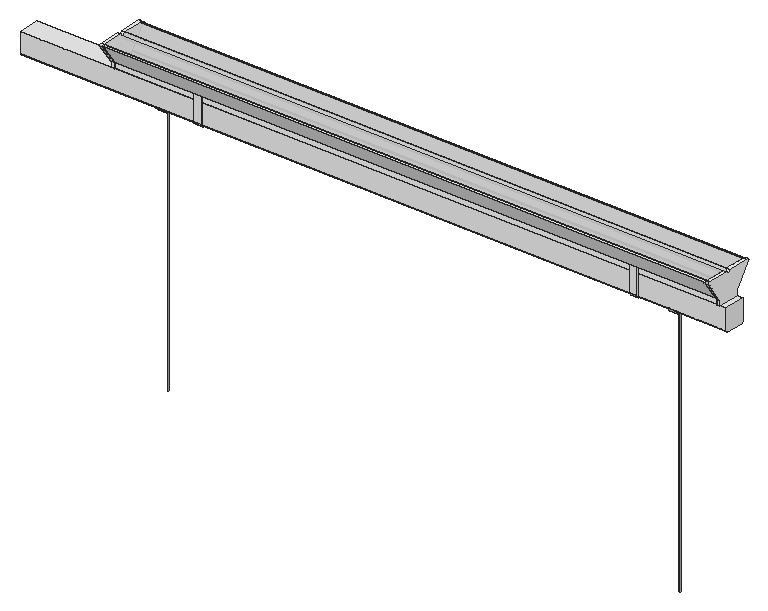
Revit family "0042292 Lighting Fixture_Sylvania_HSX Syl-Line_Ceiling Pendant", category Lighting Fixtures, host Face, Revit 2017
Family settings
  Host = Face
  Round Connector Dimension = Use Diameter
  Part Type = Normal
  OmniClass Number = 23.80.70.11.17
  OmniClass Title = Specialized Lighting by Location or Use
  Cut with Voids When Loaded = No
  Light Source = Yes
  Shared = No
  Room Calculation Point = No
Parameters (values of type "HSXSYL LED NW EB 1720 WB")
  Width = 164.0 mm
  Weight = 5.60 kg
  Wattage = 71.6129 W
  built-in parameter 1150110 = 1 (stored number, unit not read)
  Voltage Comments = "UNV (Universal Voltage; 220-240 Volt)"  # constant formula
  Voltage = 230 V  # constant formula
  URL = "http://www.sylvania-lighting.com"
  Trucking Material = Steel_Sylvania_HSX Syl-Line_White
  built-in parameter 1114217 = 1 (stored number, unit not read)
  Tilt Angle = -90.00°
  built-in parameter 1150109 = 1 (stored number, unit not read)
  built-in parameter 1150134 = 12
  Ta Rating = "-10°C to +25°C"  # constant formula
  T Class Min = -10 °C
  T Class Max = 25 °C
  built-in parameter 1150113 = 1 (stored number, unit not read)
  Product Page URL = "http://www.sylvania-lighting.com/product/en-int/products/0042292"
  Product Family = "HSX SYL-LINE"  # constant formula
  Photometry Comments = ""
  Photometric Web File = "0042292_HSXSYLLEDNWEB1720WB-192655.ies"
  Mounting Material = Steel_Sylvania_HSX Syl-Line_White
  Mounting Height = 1000.0 mm
  Mounting Distance = Mounting Height - Height  # 832.5 mm
  Line End Right = 20.0 mm
  Line End Left = 300.0 mm
  Life = "50 000h"  # constant formula
  Length = 2000.0 mm
  LOR = "100%"
  Inrush Current (max. quantity per 16A C breaker) = "10"
  IP Rating = "IP20"  # constant formula
  IK Rating = "IK02"  # constant formula
  Height = 167.5 mm
  Glow Wire Test = 650 °C  # constant formula
  Emit from Line Length = Length - 20.0 mm  # 1980.0 mm
  Electrical Protection = "CLASS I"  # constant formula
  Drive Current = "350mA"
  built-in parameter 1114216 [instance] = 1 (stored number, unit not read)
  Cap Material = Plastic_Sylvania_HSX Syl-Line_White
  Model = "HSXSYL LED NW EB 1720 WB"
  Manufacturer = "Feilo Sylvania"
  built-in parameter 1150105 = 529.99 (stored number, unit not read)
  Lumens = 6660 lm
  built-in parameter 1150115 = 1 (stored number, unit not read)
  built-in parameter 1150137 = (empty or 0)
  built-in parameter 1150139 = (empty or 0)
  built-in parameter 1150112 = 1 (stored number, unit not read)
  built-in parameter 1150114 = 1 (stored number, unit not read)
  Lamp = "Integrated LED"
  built-in parameter 1150132 = 2
  built-in parameter 1150102 = (empty or 0)
  built-in parameter 1150107 = 4000 (stored number, unit not read)
  built-in parameter 1150138 = (empty or 0)
  built-in parameter 1150106 = 5.2999 (stored number, unit not read)
  CRI (Ra) = "<80"
  Bracket Width = Width - 93.4 mm  # 70.6 mm
  Bracket Height = Height - 73.5 mm  # 94.0 mm
  Body Material = Plastic_Sylvania_HSX Syl-Line_White
  built-in parameter 1150104 = 8.64 (stored number, unit not read)
  Dimming Lamp Color Temperature Shift = <None>
  Diffuser Material = Polycarbonate_Sylvania_HSX Syl-Line_4000K
  Description = "72W and 75W LED surface and suspended luminaires HSX Syl-Line is perfect for retail, industry, manufacturing, airports or data centres Extended offering of alternative optics for Syl-Line trunking Available with a white sheet steel reflector and a PMMA Diffuser Available in 1,720mm (same length as standard Syl-Line gear trays and trunking) High performance: delivers 6,660lm (luminaire lumen output on 72W version), equating to 93lm/W (total system efficiency) Available in neutral white (4,000K) Integrated LED solution that has the same aesthetics as the fluorescent version (non dotting) Energy efficient electronic gear including Analogue 1-10V dimmable, DALI dimmable and 3 hour emergency versions as standard Ease of installation through the plug connector Innovative clip design allows quick and simple installation of the electrical unit (average installation time of the gear tray at just over a minute) Energy class: A++, A+, A Long lifetime: 50,000 hours life at 70% of the original output L70"  # constant formula
  Default Elevation = 0.0 mm
  Color Filter = 16777215
  Catalog Number = "0042292 HSXSYL LED NW EB 1720 WB"
  built-in parameter 1140040 [instance] = 1
  built-in parameter 1114218 = 1 (stored number, unit not read)
  built-in parameter 1150133 = 10 (stored number, unit not read)
  Assembly Code = "D5020200"
  Apparent Load = 72 VA
Reference planes
  plane 1 "Center (Front/Back)": y = 0
  plane 2 "Trucking Top": z = 838.5
  plane 3 "Center (Left/Right)": x = 0
  plane 4 "Fixture Bottom": z = 1000
  plane 5: y = 34.283
  plane 6: y = -34.283
  plane 7 "Fixture Left": x = -1000
  plane 8 "Fixture Right": x = 1000
  plane 9: x = 990
  plane 10: x = -990
  plane 11: y = -82
  plane 12: y = 82
  plane 13: z = 987.5
  plane 14: z = 931.5
  plane 15 "Trucking Bottom": z = 911
  plane 16: y = 38.283
  plane 17: y = -38.283
  plane 18: z = 993.039
  plane 19: y = 7.5
  plane 20: y = -7.5
  plane 21: x = -1300
  plane 22: x = 1020
  plane 23: x = 728
  plane 24: x = -728
  plane 25: x = 853
  plane 26: x = -853
  plane 27 "Fixture Top": z = 832.5
  plane 28: z = 0
Forms (mm)
  Extrusion 1, solid, material "Plastic_Sylvania_HSX Syl-Line_White" <- "Cap Material", detail levels fine
    sketch origin (0, 0, 0) x (0, 1, 0) y (0, 0, 1)
      loop
        line (38.283, 931.5) -> (81.006, 993.776)
        arc (81.006, 993.776) -> (81.229, 997.88) -> (77.707, 1000) r 3.986
        line (77.707, 1000) -> (7.5, 1000) -> (0, 987.5) -> (-7.5, 1000) -> (-77.707, 1000)
        arc (-77.707, 1000) -> (-81.229, 997.88) -> (-81.006, 993.776) r 3.986
        line (-81.006, 993.776) -> (-38.283, 931.5) -> (-34.283, 931.5) -> (-34.283, 911) -> (34.283, 911) -> (34.283, 931.5) -> (38.283, 931.5)
    from 990 to 1000
  Extrusion 2, solid, material "Plastic_Sylvania_HSX Syl-Line_White" <- "Cap Material", detail levels fine
    sketch origin (0, 0, 0) x (0, 1, 0) y (0, 0, 1)
      loop
        line (38.283, 931.5) -> (81.006, 993.776)
        arc (81.006, 993.776) -> (81.229, 997.88) -> (77.707, 1000) r 3.986
        line (77.707, 1000) -> (7.5, 1000) -> (0, 987.5) -> (-7.5, 1000) -> (-77.707, 1000)
        arc (-77.707, 1000) -> (-81.229, 997.88) -> (-81.006, 993.776) r 3.986
        line (-81.006, 993.776) -> (-38.283, 931.5) -> (-34.283, 931.5) -> (-34.283, 911) -> (34.283, 911) -> (34.283, 931.5) -> (38.283, 931.5)
    from -1000 to -990
  Extrusion 3, solid, material "Plastic_Sylvania_HSX Syl-Line_White" <- "Body Material", detail levels coarse+medium
    sketch origin (0, 0, 0) x (0, 1, 0) y (0, 0, 1)
      loop
        line (38.283, 931.5) -> (81.006, 993.776)
        arc (81.006, 993.776) -> (81.229, 997.88) -> (77.707, 1000) r 3.986
        line (77.707, 1000) -> (7.5, 1000) -> (0, 987.5) -> (-7.5, 1000) -> (-77.707, 1000)
        arc (-77.707, 1000) -> (-81.229, 997.88) -> (-81.006, 993.776) r 3.986
        line (-81.006, 993.776) -> (-38.283, 931.5) -> (-34.283, 931.5) -> (-34.283, 911) -> (34.283, 911) -> (34.283, 931.5) -> (38.283, 931.5)
    from -1000 to 990
  Extrusion 4, solid, material "Plastic_Sylvania_HSX Syl-Line_White" <- "Body Material", detail levels fine
    sketch origin (0, 0, 0) x (0, 1, 0) y (0, 0, 1)
      loop
        line (37.757, 932.5) -> (80.18, 994.339)
        arc (80.18, 994.339) -> (80.345, 997.413) -> (77.707, 999) r 2.986
        line (77.707, 999) -> (74, 999) -> (74, 998) -> (77.707, 998)
        arc (77.707, 998) -> (79.461, 996.946) -> (79.353, 994.902) r 1.986
        line (79.353, 994.902) -> (37.23, 933.5) -> (32.283, 933.5) -> (32.283, 912) -> (-32.283, 912) -> (-32.283, 933.5) -> (-37.23, 933.5) -> (-79.353, 994.902)
        arc (-79.353, 994.902) -> (-79.461, 996.946) -> (-77.707, 998) r 1.986
        line (-77.707, 998) -> (-74, 998) -> (-74, 999) -> (-77.707, 999)
        arc (-77.707, 999) -> (-80.345, 997.413) -> (-80.18, 994.339) r 2.986
        line (-80.18, 994.339) -> (-37.757, 932.5) -> (-33.283, 932.5) -> (-33.283, 911) -> (33.283, 911) -> (33.283, 932.5) -> (37.757, 932.5)
    from -990 to 990
  Extrusion 5, solid, material "Polycarbonate_Sylvania_HSX Syl-Line_4000K" <- "Diffuser Material", detail levels fine
    sketch origin (0, 0, 0) x (0, 1, 0) y (0, 0, 1)
      loop
        line (74, 999) -> (8.066, 999) -> (0, 985.556) -> (-8.066, 999) -> (-74, 999) -> (-74, 998) -> (-8.632, 998) -> (0, 983.613) -> (8.632, 998) -> (74, 998) -> (74, 999)
    from -990 to 990
  Extrusion 6, solid, material "Steel_Sylvania_HSX Syl-Line_White" <- "Trucking Material"
    sketch origin (0, 0, 0) x (0, 1, 0) y (0, 0, 1)
      loop
        line (34.283, 844.5) -> (34.283, 911) -> (-34.283, 911) -> (-34.283, 844.5) -> (-28.283, 838.5) -> (28.283, 838.5) -> (34.283, 844.5)
    from -1300 to 1020
Lines and regions (mm)
  model lines, detail levels coarse+medium
    curve 1: line (-840.5, 0, 838.5) -> (-840.5, 0, 0)
    curve 2: line (840.5, 0, 838.5) -> (840.5, 0, 0)
Dimensions and locks
  equal spacing: plane 7 "Fixture Left", plane 3 "Center (Left/Right)", plane 8 "Fixture Right"
  "Length": plane 7 "Fixture Left" to plane 8 "Fixture Right"
  locked: plane 7 "Fixture Left" to plane 10 at 10
  locked: plane 9 to plane 8 "Fixture Right" at 10
  equal spacing: plane 12, plane 1 "Center (Front/Back)", plane 11
  "Width": plane 12 to plane 11
  plane 15 "Trucking Bottom" to plane 14 to plane 13 to plane 18 to plane 4 "Fixture Bottom" = 20.5 mm locked, 56.0 mm locked, 5.539 mm locked, 6.961 mm locked
  plane 12 to plane 16 to plane 5 to plane 19 = 43.717 mm locked, 4.0 mm locked, 26.783 mm locked
  plane 11 to plane 17 to plane 6 to plane 20 = 43.717 mm locked, 4.0 mm locked, 26.783 mm locked
  locked: Extrusion 5 sketch curve to plane 11 at 8
  locked: plane 12 to Extrusion 5 sketch curve at 8
  locked: Extrusion 4 sketch curve to plane 11 at 8
  locked: plane 12 to Extrusion 4 sketch curve at 8
  locked: Extrusion 6 sketch curve to plane 2 "Trucking Top" at 6  (x2)
  locked: Extrusion 6 sketch curve to plane 6 at 6
  locked: plane 5 to Extrusion 6 sketch curve at 6
  "Line End Left": plane 21 to plane 7 "Fixture Left"
  "Line End Right": plane 8 "Fixture Right" to plane 22
  plane 23 to plane 25 to plane 9 = 125.0 mm locked, 137.0 mm locked
  plane 10 to plane 26 to plane 24 = 137.0 mm locked, 125.0 mm locked
  locked: plane 2 "Trucking Top" to plane 27 "Fixture Top" at 6
  "Height": plane 27 "Fixture Top" to plane 4 "Fixture Bottom"
  "Mounting Height": plane 28 to plane 4 "Fixture Bottom"
  aligned and locked: level to host face
  aligned and locked: imposter light to plane 1 "Center (Front/Back)"
  aligned and locked: plane 3 "Center (Left/Right)" to imposter light
  aligned and locked: imposter light to plane 4 "Fixture Bottom"
  aligned and locked: plane 14 to Extrusion 1 sketch curve
  aligned and locked: Extrusion 1 sketch curve to plane 16
  aligned and locked: plane 15 "Trucking Bottom" to Extrusion 1 sketch curve
  aligned and locked: Extrusion 1 sketch curve to plane 5
  aligned and locked: Extrusion 1 sketch curve to plane 6
  aligned and locked: Extrusion 1 sketch curve to plane 14
  aligned and locked: plane 1 "Center (Front/Back)" to Extrusion 1 sketch curve
  aligned and locked: plane 13 to Extrusion 1 sketch curve
  aligned and locked: plane 4 "Fixture Bottom" to Extrusion 1 sketch curve  (x2)
  aligned and locked: Extrusion 1 sketch curve to plane 19
  aligned and locked: plane 20 to Extrusion 1 sketch curve
  aligned and locked: Extrusion 1 to plane 8 "Fixture Right"
  aligned and locked: plane 9 to Extrusion 1
  aligned and locked: Extrusion 2 to plane 7 "Fixture Left"
  aligned and locked: plane 10 to Extrusion 2
  aligned and locked: Extrusion 3 to plane 7 "Fixture Left"
  aligned and locked: plane 15 "Trucking Bottom" to Extrusion 4 sketch curve
  aligned and locked: Extrusion 4 to plane 9
  aligned and locked: Extrusion 4 to plane 10
  aligned and locked: plane 5 to Extrusion 6 sketch curve
  aligned and locked: plane 6 to Extrusion 6 sketch curve
  aligned and locked: plane 2 "Trucking Top" to Extrusion 6 sketch curve
  aligned and locked: plane 15 "Trucking Bottom" to Extrusion 6 sketch curve
  aligned and locked: Extrusion 6 to plane 21
  aligned and locked: Extrusion 6 to plane 22
  aligned and locked: plane 1 "Center (Front/Back)" to nested 1
  aligned and locked: nested 1 to plane 14
  aligned and locked: plane 23 to nested 1
  aligned and locked: Extrusion 3 to plane 9
  aligned and locked: Extrusion 5 to plane 9
  aligned and locked: Extrusion 5 to plane 10
  aligned and locked: plane 24 to nested 2
  aligned and locked: nested 1 to plane 23
  aligned and locked: plane 2 "Trucking Top" to nested 2
  aligned and locked: plane 25 to nested 3
  aligned and locked: plane 26 to nested 4
  aligned and locked: plane 27 "Fixture Top" to nested 4
  aligned and locked: plane 27 "Fixture Top" to nested 3
  aligned and locked: plane 28 to level
  aligned and locked: level to curve 1
  aligned and locked: plane 2 "Trucking Top" to curve 1
  aligned and locked: curve 1 to plane 1 "Center (Front/Back)"
  aligned and locked: nested 3 to curve 2
  aligned and locked: plane 2 "Trucking Top" to curve 2
  aligned and locked: plane 28 to curve 2
Automatic sketch dimensions
  host sketch curve to host sketch curve = 2549.992 mm
  host sketch curve to host sketch curve = 1283.632 mm
  Extrusion 1 sketch curve to plane 17 = 0.0 mm
  Extrusion 1 sketch curve to plane 18 = 0.737 mm  (x2)
  Extrusion 1 sketch curve to plane 11 = 4.293 mm
  Extrusion 1 sketch curve to plane 11 = 0.994 mm
  Extrusion 1 sketch curve to plane 12 = 4.293 mm
  Extrusion 1 sketch curve to plane 12 = 0.994 mm
  plane 4 "Fixture Bottom" to Extrusion 2 sketch curve = 0.0 mm  (x2)
  plane 14 to Extrusion 2 sketch curve = 0.0 mm  (x2)
  Extrusion 2 sketch curve to plane 17 = 0.0 mm
  Extrusion 2 sketch curve to plane 6 = 0.0 mm
  Extrusion 2 sketch curve to plane 20 = 0.0 mm
  Extrusion 2 sketch curve to plane 1 "Center (Front/Back)" = 0.0 mm
  Extrusion 2 sketch curve to plane 19 = 0.0 mm
  Extrusion 2 sketch curve to plane 5 = 0.0 mm
  Extrusion 2 sketch curve to plane 16 = 0.0 mm
  plane 15 "Trucking Bottom" to Extrusion 2 sketch curve = 0.0 mm
  Extrusion 2 sketch curve to plane 13 = 0.0 mm
  Extrusion 2 sketch curve to plane 11 = 4.293 mm
  Extrusion 2 sketch curve to plane 18 = 0.737 mm  (x2)
  Extrusion 2 sketch curve to plane 11 = 0.994 mm
  Extrusion 2 sketch curve to plane 12 = 4.293 mm
  Extrusion 2 sketch curve to plane 12 = 0.994 mm
  plane 4 "Fixture Bottom" to Extrusion 3 sketch curve = 0.0 mm  (x2)
  plane 14 to Extrusion 3 sketch curve = 0.0 mm  (x2)
  Extrusion 3 sketch curve to plane 17 = 0.0 mm
  Extrusion 3 sketch curve to plane 6 = 0.0 mm
  Extrusion 3 sketch curve to plane 20 = 0.0 mm
  Extrusion 3 sketch curve to plane 1 "Center (Front/Back)" = 0.0 mm
  Extrusion 3 sketch curve to plane 19 = 0.0 mm
  Extrusion 3 sketch curve to plane 5 = 0.0 mm
  Extrusion 3 sketch curve to plane 16 = 0.0 mm
  plane 15 "Trucking Bottom" to Extrusion 3 sketch curve = 0.0 mm
  Extrusion 3 sketch curve to plane 13 = 0.0 mm
  Extrusion 3 sketch curve to plane 11 = 4.293 mm
  Extrusion 3 sketch curve to plane 18 = 0.737 mm  (x2)
  Extrusion 3 sketch curve to plane 11 = 0.994 mm
  Extrusion 3 sketch curve to plane 12 = 4.293 mm
  Extrusion 3 sketch curve to plane 12 = 0.994 mm
  Extrusion 4 sketch curve to plane 14 = 1.0 mm  (x2)
  Extrusion 4 sketch curve to plane 16 = 0.527 mm
  plane 4 "Fixture Bottom" to Extrusion 4 sketch curve = 1.0 mm  (x2)
  Extrusion 4 sketch curve to plane 17 = 0.527 mm
  plane 6 to Extrusion 4 sketch curve = 1.0 mm
  Extrusion 4 sketch curve to plane 5 = 1.0 mm
  Extrusion 4 sketch curve to plane 11 = 1.82 mm
  Extrusion 4 sketch curve to plane 18 = 1.301 mm  (x2)
  Extrusion 4 sketch curve to plane 12 = 1.82 mm
  Extrusion 4 sketch curve to Extrusion 4 sketch curve = 0.527 mm  (x2)
  Extrusion 4 sketch curve to Extrusion 4 sketch curve = 0.826 mm  (x2)
  Extrusion 4 sketch curve to Extrusion 4 sketch curve = 0.563 mm  (x2)
  Extrusion 4 sketch curve to Extrusion 4 sketch curve = 0.0 mm  (x4)
  Extrusion 4 sketch curve to Extrusion 4 sketch curve = 1.0 mm  (x4)
  Extrusion 4 sketch curve to plane 15 "Trucking Bottom" = 1.0 mm
  Extrusion 5 sketch curve to plane 1 "Center (Front/Back)" = 0.0 mm  (x2)
  plane 20 to Extrusion 5 sketch curve = 0.566 mm
  plane 20 to Extrusion 5 sketch curve = 1.132 mm
  plane 19 to Extrusion 5 sketch curve = 0.566 mm
  plane 19 to Extrusion 5 sketch curve = 1.132 mm
  plane 4 "Fixture Bottom" to Extrusion 5 sketch curve = 2.0 mm  (x2)
  Extrusion 5 sketch curve to plane 13 = 3.887 mm
  Extrusion 5 sketch curve to Extrusion 5 sketch curve = 1.944 mm
  plane 4 "Fixture Bottom" to Extrusion 5 sketch curve = 1.0 mm  (x2)
  plane 4 "Fixture Bottom" to Extrusion 4 sketch curve = 2.0 mm  (x2)
  curve 1 to plane 27 "Fixture Top" = 6.0 mm
  curve 1 to level = 0.0 mm
Nested families
  nested 1: "Mounting Bracket" at (703, 0, 931.5) x (0, -1, 0) z (0, 0, -1), type "Mounting Bracket", detail levels fine
  nested 2: "Mounting Bracket" at (-728, 0, 931.5) x (0, -1, 0) z (0, 0, -1), type "Mounting Bracket", detail levels fine
  nested 3: "Top Mounting Bracket" at (853, 0, 845.5) x (0, 1, 0) z (0, 0, -1), type "Top Mounting Bracket", detail levels fine
    with Mounting Distance 832.5 mm
  nested 4: "Top Mounting Bracket" at (-828, 0, 845.5) x (0, 1, 0) z (0, 0, -1), type "Top Mounting Bracket", detail levels fine
    with Mounting Distance 832.5 mm
Connectors
  electrical at (-1300, 0, 864.667), driven by "Voltage", driven by "Apparent Load"
    settings: on Extrusion 6, index 1, voltage 230 V, apparent load 0 VA, apparent load phase1 72 VA, apparent load phase2 0 VA, apparent load phase3 0 VA, power factor 1, load classification "Lighting", number of poles 1, system type 31, power factor state 1, is connector primary yes, connector utility no, sub classification motor no, connector description ""
Definition of nested family "Mounting Bracket"
  Parameters
    Mounting Material = none
    Length = 25.0 mm
    Height = 94.0 mm
    Width = 70.6 mm
    Default Elevation = 0.0 mm
  Reference planes
    plane 1 "Center (Front/Back)": y = 0
    plane 2: z = 0
    plane 3 "Center (Left/Right)": x = 0
    plane 4: x = -35.3
    plane 5: x = 35.3
    plane 6: y = -25
    plane 7: y = -12.5
    plane 8: z = 94
  Forms (mm)
    Extrusion 1, solid, material <- "Mounting Material"
      sketch origin (0, 0, 0) x (1, 0, 0) y (0, 0, 1)
        loop
          line (35.3, 87.5) -> (28.8, 94) -> (20.3, 94) -> (20.3, 93) -> (28.386, 93) -> (34.3, 87.086) -> (34.3, 0) -> (35.3, 0) -> (35.3, 87.5)
        loop
          line (-35.3, 87.5) -> (-35.3, 0) -> (-34.3, 0) -> (-34.3, 87.086) -> (-28.386, 93) -> (-20.3, 93) -> (-20.3, 94) -> (-28.8, 94) -> (-35.3, 87.5)
      from 0 to 25
  Dimensions and locks
    equal spacing: plane 5, plane 3 "Center (Left/Right)", plane 4
    "Width": plane 5 to plane 4
    "Length": plane 6 to plane 1 "Center (Front/Back)"
    equal spacing: plane 6, plane 7, plane 1 "Center (Front/Back)"
    "Height": plane 8 to plane 2
    locked: plane 8 to Extrusion 1 sketch curve at 1
    locked: plane 8 to Extrusion 1 sketch curve at 6.5  (x2)
    locked: Extrusion 1 sketch curve to plane 4 at 6.5
    locked: plane 5 to Extrusion 1 sketch curve at 6.5
    locked: Extrusion 1 sketch curve to plane 4 at 1
    locked: plane 5 to Extrusion 1 sketch curve at 1
    locked: Extrusion 1 sketch curve to plane 4 at 15
    locked: plane 5 to Extrusion 1 sketch curve at 15
    aligned and locked: level to plane 2
    aligned and locked: Extrusion 1 to plane 6
    aligned and locked: Extrusion 1 sketch curve to plane 8
    aligned and locked: Extrusion 1 sketch curve to plane 4
    aligned and locked: Extrusion 1 sketch curve to plane 5
  Automatic sketch dimensions
    Extrusion 1 sketch curve to level = 0.0 mm  (x2)
    plane 4 to Extrusion 1 sketch curve = 6.914 mm
    Extrusion 1 sketch curve to Extrusion 1 sketch curve = 0.414 mm  (x3)
    plane 8 to Extrusion 1 sketch curve = 0.0 mm
    Extrusion 1 sketch curve to plane 8 = 1.0 mm
Definition of nested family "Top Mounting Bracket"
  Parameters
    Mounting Material = none
    Mounting Distance = 500.0 mm
    Length = 25.0 mm
    Height = 13.0 mm
    Width = 70.6 mm
    Default Elevation = 0.0 mm
  Reference planes
    plane 1 "Center (Front/Back)": y = 0
    plane 2: z = 0
    plane 3 "Center (Left/Right)": x = 0
    plane 4: x = -35.3
    plane 5: x = 35.3
    plane 6: y = -25
    plane 7: y = -12.5
    plane 8: z = 13
    plane 9: z = 513
  Forms (mm)
    Extrusion 1, solid, material <- "Mounting Material"
      sketch origin (0, 0, 0) x (1, 0, 0) y (0, 0, 1)
        loop
          line (35.3, 1.5) -> (23.8, 13) -> (-23.8, 13) -> (-35.3, 1.5) -> (-35.3, 0) -> (-34.3, 0) -> (-34.3, 1.086) -> (-23.386, 12) -> (23.386, 12) -> (34.3, 1.086) -> (34.3, 0) -> (35.3, 0) -> (35.3, 1.5)
      from 0 to 25
    Extrusion 2, solid
      sketch origin (0, 0, 0) x (1, 0, 0) y (0, 1, 0)
        loop
          circle (0, -12.5) r 2
      from 13 to 513
  Dimensions and locks
    equal spacing: plane 5, plane 3 "Center (Left/Right)", plane 4
    "Width": plane 5 to plane 4
    "Length": plane 6 to plane 1 "Center (Front/Back)"
    equal spacing: plane 6, plane 7, plane 1 "Center (Front/Back)"
    plane 8 to Extrusion 1 sketch curve = 13.0 mm
    locked: Extrusion 1 sketch curve to plane 4 at 11.5
    locked: plane 5 to Extrusion 1 sketch curve at 11.5
    "Height": plane 8 to level
    "Mounting Distance": plane 9 to plane 8
    aligned and locked: level to plane 2
    aligned and locked: Extrusion 1 to plane 6
    aligned and locked: Extrusion 1 sketch curve to plane 4
    aligned and locked: Extrusion 1 sketch curve to plane 5
    aligned and locked: Extrusion 1 sketch curve to plane 8
    aligned and locked: Extrusion 1 sketch curve to Extrusion 1 sketch curve
    aligned and locked: plane 9 to Extrusion 2
    aligned and locked: Extrusion 2 to Extrusion 1
  Automatic sketch dimensions
    plane 4 to Extrusion 1 sketch curve = 1.0 mm
    Extrusion 1 sketch curve to Extrusion 1 sketch curve = 0.414 mm  (x4)
    Extrusion 1 sketch curve to plane 5 = 1.0 mm
    Extrusion 1 sketch curve to Extrusion 1 sketch curve = 1.086 mm
    Extrusion 1 sketch curve to plane 8 = 1.0 mm
    Extrusion 1 sketch curve to plane 8 = 11.914 mm
    Extrusion 2 sketch curve to plane 3 "Center (Left/Right)" = 0.0 mm
    plane 7 to Extrusion 2 sketch curve = 0.0 mm
    radius of Extrusion 2 sketch curve = 2.0 mm
